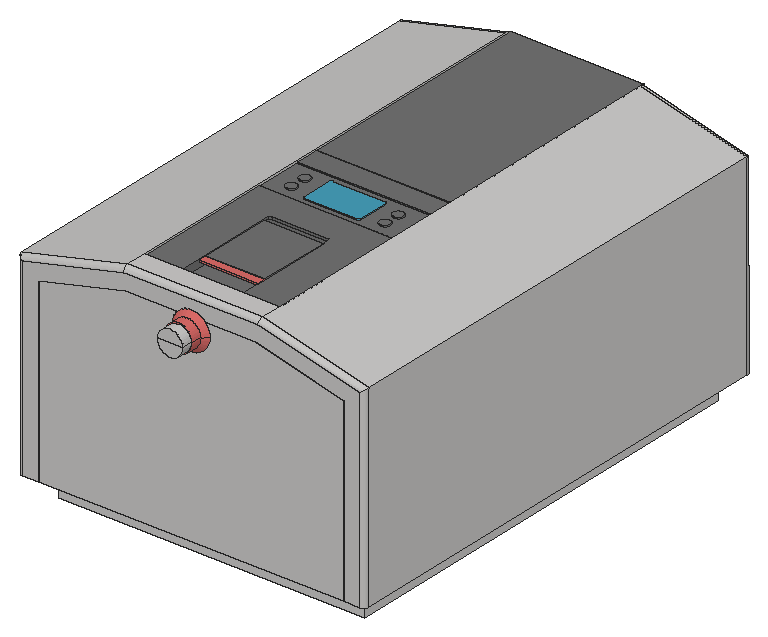
Revit family "Boiling Water System-Rheem-Lazer1", category Mechanical Equipment, host Face, Revit 2012
Parameters (values of type "Lazer 5L - Stainless Steel")
  Width_ANZRS = 334 mm
  URL = "www.rheem.com.au"
  Type Comments = "Initial delivery 35 cups with recovery 123 cups per hour"
  Outlet Position = 207 mm
  Model = "70105S"
  Material_ANZRS = Metal-Stainless Steel-Brushed-Rheem
  Manufacturer = "Rheem Australia Pty Ltd"  # constant formula
  Keynote = "HWU"
  Height_ANZRS = 465 mm
  Description = "The Rheem Lazer is a very clever option with sleek but understated appearance and space-saving over bench installation"  # constant formula
  Depth_ANZRS = 239 mm
  Default Elevation = 1200 mm
  CreatedBy_ANZRS = "Design Content"  # constant formula
  CreatedByURL_ANZRS = "www.designcontent.com.au"
  Connector Radius = 7.5 mm  # constant formula
  Assembly Code = "D3020100"
Reference planes
  plane 1 "Center (Elevation)": y = 0
  plane 2 "Back": z = 0
  plane 3 "Center (Left/Right)": x = 0
  plane 4 "Left": x = -167
  plane 5 "Top": y = 232.5
  plane 6 "Bottom": y = -232.5
  plane 7 "Right": x = 167
  plane 8 "Front": z = 239
  plane 9 "Center (Front/Back)": z = 119.5
  plane 10: y = -172.5
  plane 11 "Inlet": x = -150
  plane 12 "Vent": x = -106
  plane 13: y = -257.5
  plane 14: z = 207
  plane 15: z = 25
  plane 16 "Inlet & Vent": z = 45
  plane 17: y = -207.5
  plane 18: y = 217.5
  plane 19: x = -65
  plane 20: x = 65
Forms (mm)
  Extrusion 1, solid, material "Metal-Stainless Steel-Brushed-Rheem" <- "Material_ANZRS", detail levels coarse
    sketch origin (0, 0, 0) x (1, 0, 0) y (0, 1, 0)
      loop
        line (-167, 232.5) -> (-167, -232.5) -> (167, -232.5) -> (167, 232.5) -> (-167, 232.5)
    from 0 to 239
  Sweep 2, solid, material "Metal-Stainless Steel-Brushed-Rheem" <- "Material_ANZRS", detail levels medium+fine
    path origin (0, 0, 0) x (1, 0, 0) y (0, 0, 1)
      loop
        line (167, 25) -> (167, 213.569) -> (65, 239) -> (-65, 239) -> (-167, 213.569) -> (-167, 25)
    profile origin (0, 0, 239) x (0, 0, -1) y (0, -1, 0)
      loop
        arc (0, -227.5) -> (1.464, -231.036) -> (5, -232.5) r 5
        line (5, -232.5) -> (20, -232.5) -> (20, 232.5) -> (5, 232.5)
        arc (5, 232.5) -> (1.464, 231.036) -> (0, 227.5) r 5
        line (0, 227.5) -> (0, -227.5)
  Extrusion 3, solid, material "Metal-Stainless Steel-Brushed-Rheem" <- "Material_ANZRS", detail levels medium+fine
    sketch origin (0, 0, 0) x (1, 0, 0) y (0, 0, 1)
      loop
        line (147, 197.943) -> (62.544, 219) -> (-62.544, 219) -> (-147, 197.943) -> (-147, 0) -> (147, 0) -> (147, 197.943)
    from -217.5 to 207.5
  Extrusion 4, solid, material "Metal-Stainless Steel-Brushed-Rheem" <- "Material_ANZRS", detail levels medium+fine
    sketch origin (0, 0, 0) x (1, 0, 0) y (0, 0, 1)
      loop
        line (147, 197.943) -> (62.544, 219) -> (-62.544, 219) -> (-147, 197.943) -> (-147, 25) -> (147, 25) -> (147, 197.943)
    from -232.5 to 232.5
  Revolve 5, solid, material "Metal-Stainless Steel-Brushed-Rheem" <- "Material_ANZRS", detail levels medium+fine
    sketch origin (0, 538.874, 207) x (0, 1, 0) y (-1, 0, 0)
      loop
        line (-796.374, 0) -> (-771.374, 0) -> (-771.374, 18) -> (-776.374, 13) -> (-786.374, 13) -> (-786.374, 12) -> (-796.374, 12) -> (-796.374, 0)
      axis (-771.374, 0) -> (-796.374, 0)
    angle from 0 to 360
  Extrusion 6, void
    sketch origin (0, 538.874, 239) x (0, 1, 0) y (-1, 0, 0)
      loop
        line (-306.374, 65) -> (-746.374, 65) -> (-746.374, -65) -> (-306.374, -65) -> (-306.374, 65)
    from -10 to 0
  Extrusion 7, solid, material "Plastic-Gloss-Black-Rheem", detail levels medium+fine
    sketch origin (0, 538.874, 239) x (0, 1, 0) y (-1, 0, 0)
      loop
        arc (-306.374, 63) -> (-306.96, 64.414) -> (-308.374, 65) r 2
        line (-308.374, 65) -> (-537.588, 65)
        arc (-537.588, 65) -> (-539.002, 64.414) -> (-539.588, 63) r 2
        line (-539.588, 63) -> (-539.588, -63)
        arc (-539.588, -63) -> (-539.002, -64.414) -> (-537.588, -65) r 2
        line (-537.588, -65) -> (-308.374, -65)
        arc (-308.374, -65) -> (-306.96, -64.414) -> (-306.374, -63) r 2
        line (-306.374, -63) -> (-306.374, 63)
    from -1 to -10
  Extrusion 8, solid, material "Plastic-Gloss-Black-Rheem", detail levels medium+fine
    sketch origin (0, 538.874, 239) x (0, 1, 0) y (-1, 0, 0)
      loop
        line (-746.374, 63) -> (-746.374, 31)
        arc (-746.374, 31) -> (-745.788, 29.586) -> (-744.374, 29) r 2
        line (-744.374, 29) -> (-642.706, 29)
        arc (-642.706, 29) -> (-641.292, 28.414) -> (-640.706, 27) r 2
        line (-640.706, 27) -> (-640.706, -27)
        arc (-640.706, -27) -> (-641.292, -28.414) -> (-642.706, -29) r 2
        line (-642.706, -29) -> (-744.374, -29)
        arc (-744.374, -29) -> (-745.788, -29.586) -> (-746.374, -31) r 2
        line (-746.374, -31) -> (-746.374, -63)
        arc (-746.374, -63) -> (-745.788, -64.414) -> (-744.374, -65) r 2
        line (-744.374, -65) -> (-611.374, -65)
        arc (-611.374, -65) -> (-609.96, -64.414) -> (-609.374, -63) r 2
        line (-609.374, -63) -> (-609.374, 63)
        arc (-609.374, 63) -> (-609.96, 64.414) -> (-611.374, 65) r 2
        line (-611.374, 65) -> (-744.374, 65)
        arc (-744.374, 65) -> (-745.788, 64.414) -> (-746.374, 63) r 2
    from -1 to -10
  Extrusion 9, solid, material "Plastic-Gloss-Black-Rheem", detail levels medium+fine
    sketch origin (0, 510.857, 239) x (0, 1, 0) y (-1, 0, 0)
      loop
        arc (-512.571, 63) -> (-513.157, 64.414) -> (-514.571, 65) r 2
        line (-514.571, 65) -> (-533.396, 65)
        arc (-533.396, 65) -> (-534.81, 64.414) -> (-535.396, 63) r 2
        line (-535.396, 63) -> (-535.396, -63)
        arc (-535.396, -63) -> (-534.81, -64.414) -> (-533.396, -65) r 2
        line (-533.396, -65) -> (-514.571, -65)
        arc (-514.571, -65) -> (-513.157, -64.414) -> (-512.571, -63) r 2
        line (-512.571, -63) -> (-512.571, 63)
    from -1 to -10
  Extrusion 10, solid, material "Plastic-Gloss-Black-Rheem", detail levels medium+fine
    sketch origin (0, 485.857, 239) x (0, 1, 0) y (-1, 0, 0)
      loop
        arc (-511.396, 63) -> (-511.981, 64.414) -> (-513.396, 65) r 2
        line (-513.396, 65) -> (-553.357, 65)
        arc (-553.357, 65) -> (-554.771, 64.414) -> (-555.357, 63) r 2
        line (-555.357, 63) -> (-555.357, -63)
        arc (-555.357, -63) -> (-554.771, -64.414) -> (-553.357, -65) r 2
        line (-553.357, -65) -> (-513.396, -65)
        arc (-513.396, -65) -> (-511.981, -64.414) -> (-511.396, -63) r 2
        line (-511.396, -63) -> (-511.396, 63)
    from -1.5 to -10
  Extrusion 11, solid, material "LED-Blue-Screen-Rheem", detail levels fine
    sketch origin (0, 570.857, 239) x (0, 1, 0) y (-1, 0, 0)
      loop
        arc (-601.396, 25) -> (-601.981, 26.414) -> (-603.396, 27) r 2
        line (-603.396, 27) -> (-633.357, 27)
        arc (-633.357, 27) -> (-634.771, 26.414) -> (-635.357, 25) r 2
        line (-635.357, 25) -> (-635.357, -25)
        arc (-635.357, -25) -> (-634.771, -26.414) -> (-633.357, -27) r 2
        line (-633.357, -27) -> (-603.396, -27)
        arc (-603.396, -27) -> (-601.981, -26.414) -> (-601.396, -25) r 2
        line (-601.396, -25) -> (-601.396, 25)
    from -1 to -10
  Extrusion 12, solid, material "Plastic-Gloss-Black-Rheem", detail levels fine
    sketch origin (0, 450.857, 239) x (0, 1, 0) y (-1, 0, 0)
      loop
        circle (-490.396, 45) r 5
      loop
        circle (-506.357, 44.988) r 5
      loop
        circle (-490.396, -45) r 5
      loop
        circle (-506.357, -44.988) r 5
    from -1 to -10
  Extrusion 13, solid, material "Plastic-Gloss-Black-Rheem", detail levels medium+fine
    sketch origin (0, 0, 0) x (0, 1, 0) y (0, 0, 1)
      loop
        line (-101.833, 236) -> (-109.297, 238) -> (-179.5, 238) -> (-179.5, 236) -> (-163.265, 236) -> (-163.265, 231) -> (-207.5, 231) -> (-207.5, 229) -> (-101.833, 229) -> (-101.833, 236)
    from 29 to -29
  Extrusion 14, solid, material "Plastic-Gloss-Red-Rheem", detail levels medium+fine
    sketch origin (0, 0, 16.474) x (0, 1, 0) y (0, 0, 1)
      loop
        line (-179.5, 221.526) -> (-187.5, 221.526) -> (-187.5, 219.526) -> (-179.5, 219.526) -> (-179.5, 221.526)
    from 29 to -29
  Extrusion 15, solid
    sketch origin (-316.141, -172.5, 1219.2) x (-1, 0, 0) y (0, 0, 1)
      loop
        circle (-166.141, -1174.2) r 7.5
    from 0 to 50
  Extrusion 16, solid
    sketch origin (-296.141, -172.5, 1219.2) x (-1, 0, 0) y (0, 0, 1)
      loop
        circle (-190.141, -1174.2) r 7.5
    from 0 to 50
Cuts and joins
  joined: Extrusion 3, Extrusion 4
  Extrusion 6 cuts Sweep 2
Dimensions and locks
  equal spacing: plane 5 "Top", plane 1 "Center (Elevation)", plane 6 "Bottom"
  "Height_ANZRS": plane 5 "Top" to plane 6 "Bottom"
  equal spacing: plane 4 "Left", plane 3 "Center (Left/Right)", plane 7 "Right"
  "Width_ANZRS": plane 4 "Left" to plane 7 "Right"
  "Depth_ANZRS": plane 8 "Front" to plane 2 "Back"
  equal spacing: plane 8 "Front", plane 9 "Center (Front/Back)", plane 2 "Back"
  plane 10 to plane 6 "Bottom" to plane 13 = 60 mm locked, 25 mm locked
  plane 4 "Left" to plane 11 "Inlet" to plane 12 "Vent" = 17 mm locked, 44 mm locked
  "Outlet Position": plane 14 to plane 2 "Back"
  locked: plane 15 to plane 2 "Back" at 25
  locked: plane 16 "Inlet & Vent" to plane 15 at 20
  locked: Sweep 2 sketch curve to plane 3 "Center (Left/Right)" at 65
  locked: plane 3 "Center (Left/Right)" to Sweep 2 sketch curve at 65
  locked: plane 8 "Front" to Sweep 2 sketch curve at 20
  locked: plane 7 "Right" to Extrusion 3 sketch curve at 20
  locked: Extrusion 3 sketch curve to plane 4 "Left" at 20
  locked: plane 17 to plane 6 "Bottom" at 25
  locked: plane 5 "Top" to plane 18 at 15
  locked: plane 7 "Right" to Extrusion 4 sketch curve at 20
  locked: Extrusion 4 sketch curve to plane 4 "Left" at 20
  Extrusion 6 sketch curve to plane 3 "Center (Left/Right)" to Extrusion 6 sketch curve = 65 mm locked, 65 mm locked
  plane 19 to plane 3 "Center (Left/Right)" to plane 20 = 65 mm locked, 65 mm locked
  locked: Extrusion 7 sketch curve to plane 6 "Bottom" at 231.786
  locked: Extrusion 8 sketch curve to plane 6 "Bottom" at 162
  locked: Extrusion 8 sketch curve to plane 6 "Bottom" at 130.667
  Extrusion 8 sketch curve to plane 3 "Center (Left/Right)" to Extrusion 8 sketch curve = 29 mm locked, 29 mm locked
  plane 6 "Bottom" to Extrusion 9 sketch curve to Extrusion 9 sketch curve = 207.961 mm locked, 22.825 mm locked
  locked: Extrusion 10 sketch curve to plane 6 "Bottom" at 163
  locked: Extrusion 10 sketch curve to plane 6 "Bottom" at 206.961
  Extrusion 11 sketch curve to plane 3 "Center (Left/Right)" to Extrusion 11 sketch curve = 27 mm locked, 27 mm locked
  Extrusion 11 sketch curve to Extrusion 11 sketch curve to plane 6 "Bottom" = 33.961 mm locked, 168 mm locked
  Extrusion 12 sketch curve to Extrusion 12 sketch curve to plane 6 "Bottom" = 15.961 mm locked, 177 mm locked  (x2)
  Extrusion 12 sketch curve to plane 3 "Center (Left/Right)" to Extrusion 12 sketch curve = 44.988 mm locked, 44.988 mm locked
  Extrusion 12 sketch curve to plane 3 "Center (Left/Right)" to Extrusion 12 sketch curve = 45 mm locked, 45 mm locked
  Extrusion 13 sketch curve to Extrusion 13 sketch curve to Extrusion 13 sketch curve to Extrusion 13 sketch curve to plane 6 "Bottom" = 7.464 mm locked, 53.968 mm locked, 16.235 mm locked, 53 mm locked
  plane 8 "Front" to Extrusion 13 sketch curve to Extrusion 13 sketch curve to Extrusion 13 sketch curve to Extrusion 13 sketch curve = 1 mm locked, 2 mm locked, 5 mm locked, 2 mm locked
  Extrusion 14 sketch curve to Extrusion 14 sketch curve to plane 6 "Bottom" = 8 mm locked, 45 mm locked
  plane 8 "Front" to Extrusion 14 sketch curve to Extrusion 14 sketch curve = 1 mm locked, 2 mm locked
  radius of Extrusion 11 sketch curve = 2 mm  (x4)
  "Connector Radius": radius of Extrusion 16 sketch curve
  "Connector Radius": radius of Extrusion 15 sketch curve
  radius of Extrusion 7 sketch curve = 2 mm  (x4)
  locked: plane 8 "Front" to Sweep 2 sketch curve (angle 14.00°)
  locked: Sweep 2 sketch curve to plane 8 "Front" (angle 14.00°)
  aligned and locked: plane 2 "Back" to host face
  aligned and locked: level to host face
  aligned and locked: Extrusion 1 sketch curve to plane 5 "Top"
  aligned and locked: plane 4 "Left" to Extrusion 1 sketch curve
  aligned and locked: plane 6 "Bottom" to Extrusion 1 sketch curve
  aligned and locked: Extrusion 1 sketch curve to plane 7 "Right"
  aligned and locked: plane 8 "Front" to Extrusion 1
  aligned and locked: Extrusion 1 to plane 2 "Back"
  aligned and locked: plane 15 to Sweep 2 sketch curve
  aligned and locked: Sweep 2 sketch curve to plane 7 "Right"
  aligned and locked: Sweep 2 sketch curve to plane 4 "Left"
  aligned and locked: Sweep 2 sketch curve to plane 8 "Front"  (x2)
  aligned and locked: Sweep 2 sketch curve to plane 5 "Top"
  aligned and locked: plane 6 "Bottom" to Sweep 2 sketch curve
  aligned and locked: Extrusion 3 sketch curve to Sweep 2  (x3)
  aligned and locked: Extrusion 3 sketch curve to plane 2 "Back"
  aligned and locked: Extrusion 3 to plane 18
  aligned and locked: plane 17 to Extrusion 3
  aligned and locked: Extrusion 4 sketch curve to Sweep 2  (x3)
  aligned and locked: Extrusion 4 sketch curve to plane 15
  aligned and locked: plane 5 "Top" to Extrusion 4
  aligned and locked: Extrusion 4 to plane 6 "Bottom"
  aligned and locked: plane 13 to Revolve 5 sketch curve
  aligned and locked: Revolve 5 sketch curve to plane 6 "Bottom"
  aligned and locked: Extrusion 6 sketch curve to plane 17
  aligned and locked: Extrusion 6 sketch curve to plane 5 "Top"
  aligned and locked: plane 8 "Front" to Extrusion 6
  aligned and locked: Extrusion 7 sketch curve to plane 5 "Top"
  aligned and locked: plane 19 to Extrusion 7 sketch curve
  aligned and locked: Extrusion 7 sketch curve to plane 20
  aligned and locked: plane 17 to Extrusion 8 sketch curve  (x2)
  aligned and locked: plane 20 to Extrusion 8 sketch curve
  aligned and locked: Extrusion 8 sketch curve to plane 19
  aligned and locked: plane 19 to Extrusion 9 sketch curve
  aligned and locked: Extrusion 9 sketch curve to plane 20
  aligned and locked: plane 19 to Extrusion 10 sketch curve
  aligned and locked: Extrusion 10 sketch curve to plane 20
  aligned and locked: Extrusion 13 to Extrusion 8  (x2)
  aligned and locked: Extrusion 14 to Extrusion 8  (x2)
  aligned and locked: plane 16 "Inlet & Vent" to Extrusion 15 sketch curve
  aligned and locked: plane 11 "Inlet" to Extrusion 15 sketch curve
  aligned and locked: plane 12 "Vent" to Extrusion 16 sketch curve
  aligned and locked: plane 16 "Inlet & Vent" to Extrusion 16 sketch curve
Automatic sketch dimensions
  host sketch curve to host sketch curve = 2438.4 mm  (x2)
  Sweep 2 sketch curve to plane 15 = 0 mm
  Sweep 2 sketch curve to profile plane = 5 mm  (x2)
  Revolve 5 sketch curve to plane 3 "Center (Left/Right)" = 0 mm  (x2)
  Revolve 5 sketch curve to plane 13 = 10 mm
  Revolve 5 sketch curve to Revolve 5 sketch curve = 10 mm  (x2)
  Revolve 5 sketch curve to plane 6 "Bottom" = 5 mm
  Revolve 5 sketch curve to Revolve 5 sketch curve = 12 mm
  Revolve 5 sketch curve to Revolve 5 sketch curve = 1 mm
  Revolve 5 sketch curve to Revolve 5 sketch curve = 5 mm
  Extrusion 8 sketch curve to plane 17 = 2 mm  (x4)
  Extrusion 8 sketch curve to Extrusion 8 sketch curve = 2 mm  (x4)
  Extrusion 9 sketch curve to Extrusion 9 sketch curve = 2 mm  (x2)
  Extrusion 9 sketch curve to plane 20 = 2 mm  (x2)
  Extrusion 10 sketch curve to Extrusion 10 sketch curve = 2 mm  (x2)
  Extrusion 10 sketch curve to plane 20 = 2 mm  (x2)
  Extrusion 13 sketch curve to plane 17 = 0 mm
  Extrusion 13 sketch curve to plane 8 "Front" = 3 mm
  radius of Extrusion 12 sketch curve = 5 mm  (x4)
Connectors
  piping at (-150, -172.5, 45), driven by "Connector Radius"
    settings: on Extrusion 15, index 1, connector radius 0.29528", flow factor 0, pipe flow 0 GPM, pressure drop 0.00 psi, fitting loss kfactor 0, connector angle 0.00°, fixture units 0, engagement length 0 mm, flow configuration 3, flow direction 1, fitting loss method 0, system type 20, joint type 0, gender type 0, connector reference index -1, connector utility 0, adjustable connector no, is connector primary yes, fitting loss table "", connector description "Inlet"
  piping at (-106, -172.5, 45), driven by "Connector Radius"
    settings: on Extrusion 16, index 2, connector radius 0.29528", flow factor 0, pipe flow 0 GPM, pressure drop 0.00 psi, fitting loss kfactor 0, connector angle 0.00°, fixture units 0, engagement length 0 mm, flow configuration 1, flow direction 2, fitting loss method 0, system type 17, joint type 0, gender type 0, connector reference index -1, connector utility 0, adjustable connector no, is connector primary no, fitting loss table "", connector description "Vent"
